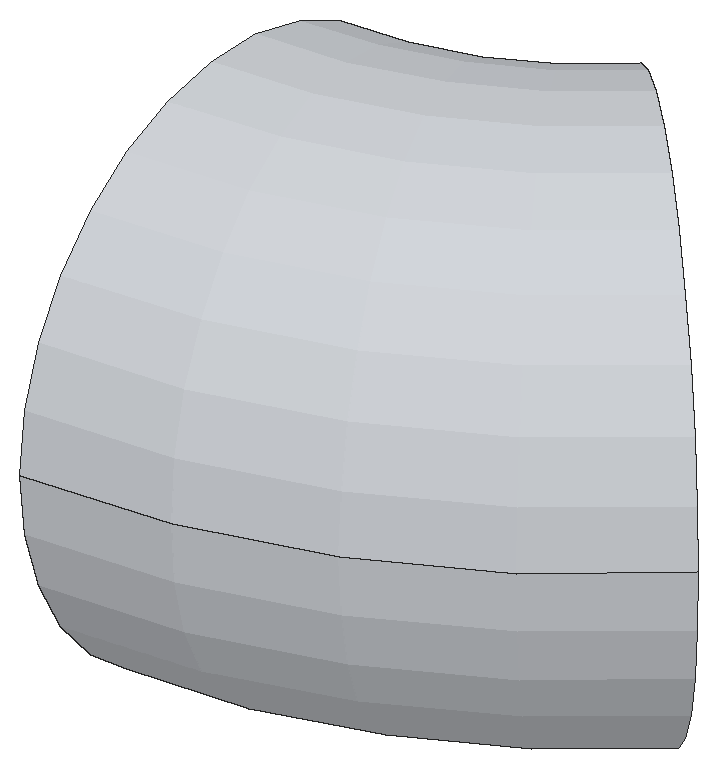
Revit family "Rohrbogen-DIN2605-Bauart 2", category Rohrformteile, Revit 2016
Family settings
  Teiletyp = Bogen
  Bemaßung runder Anschluss = Radius verwenden
  OmniClass-Nummer = 23.60.30.11.14
  OmniClass-Titel = Pipework Fittings
  Arbeitsebenenbasiert = Nein
  Immer vertikal = Ja
  Beim Laden mit Abzugskörper schneiden = Nein
  Gemeinsam genutzt = Nein
Parameters (values of type "Standard")
  DN [instance] = size_lookup(Name der Abruftabelle, "ORad", Nenndurchmesser, Nenndurchmesser)  # 60.3 mm
  Außenradius [instance] = DN / 2  # 30.15 mm
  Nennradius [instance] = 25 mm
  Nenndurchmesser [instance] = Nennradius * 2  # 50 mm
  Verlustberechnungsmethode = K-Koeffizient aus Tabelle
  Name der Abruftabelle = "Elbow Steel DIN 2605"
  Länge 2 [instance] = Bogenradius - Bogenradius * cos(Winkel)  # 14.938 mm
  Länge 1 [instance] = Bogenradius * sin(Winkel)  # 36.062 mm
  K-Koeffizient-Tabelle = "Regular 45, 90 and 180 Elbow"
  Abstand Mittelpunkt Ende [instance] = Radius 1 * tan(Winkel / 2)  # 21.125 mm
  Radius 1 [instance] = if(Bogenradius < Außenradius + 1 mm, Außenradius + 1 mm, Bogenradius)  # 51 mm
  Bogenradius [instance] = size_lookup(Name der Abruftabelle, "CRad2", Nenndurchmesser, Nenndurchmesser)  # 51 mm
  Winkel [instance] = 45.00°
Reference planes
  plane 1 "Mitte (Vorne/Hinten)": y = 0
  plane 2: z = 0
  plane 3 "Mitte (Links/Rechts)": x = 0
  plane 4: x = -21.125
  plane 5: y = 51
  plane 6: y = 25
  plane 7: y = -25
  plane 8: z = 25
  plane 9: z = -25
  plane 10: x = 14.938
  plane 11: y = 14.938
Forms (mm)
  Sweep 1, solid, detail levels fine
    path in 3D
      loop
        arc (-21.125, 0, 0) -> (-1.608, 3.882, 0) -> (14.938, 14.938, 0) r 51
    profile origin (-1.608, 3.882, 0) x (-0.382683, 0.92388, 0) y (0, 0, 1)
      loop
        circle (0, 0) r 30.15
Lines and regions (mm)
  reference lines
    curve 1: arc (-21.125, 0, 0) -> (-1.608, 3.882, 0) -> (14.938, 14.938, 0) r 51
    curve 6: line (-21.125, 51, 0) -> (13.16, 16.715, 0)
    curve 7: line (-21.125, 51, 0) -> (12.045, 84.17, 0)
    curve 8: line (41.911, 41.911, 0) -> (-12.792, -12.792, 0)
    curve 9: line (18.785, 54.14, 0) -> (1.107, 36.463, 0)
    curve 10: line (54.14, 18.785, 0) -> (36.463, 1.107, 0)
    curve 14: line (-21.125, 51, 0) -> (-21.125, 0, 0)
  sketch lines
    curve 2: arc (-21.125, 0, 0) -> (-1.608, 3.882, 0) -> (14.938, 14.938, 0) r 51
  model lines, style "Symbol", detail levels coarse+medium
    curve 3: line (-21.125, 0, 25) -> (-21.125, 0, -25)
    curve 5: line (-21.125, 25, 0) -> (-21.125, -25, 0)
    curve 12: line (-2.74, 32.615, 0) -> (32.615, -2.74, 0)
    curve 15: arc (-21.125, 0, 0) -> (-1.608, 3.882, 0) -> (14.938, 14.938, 0) r 51
    curve 16: line (14.938, 14.938, 25) -> (14.938, 14.938, -25)
  model lines, detail levels coarse+medium
    curve 4: line (-21.125, 25, 0) -> (-21.125, -25, 0)
    curve 11: line (-2.74, 32.615, 0) -> (32.615, -2.74, 0)
    curve 13: arc (-21.125, 0, 0) -> (-1.608, 3.882, 0) -> (14.938, 14.938, 0) r 51
Dimensions and locks
  "Abstand Mittelpunkt Ende": plane 4 to plane 3 "Mitte (Links/Rechts)"
  "Radius 1": plane 5 to plane 1 "Mitte (Vorne/Hinten)"
  locked: plane 5 to curve 1 at 0
  locked: plane 4 to curve 1 at 0
  "Nennradius": plane 6 to plane 1 "Mitte (Vorne/Hinten)"
  equal spacing: plane 6, plane 1 "Mitte (Vorne/Hinten)", plane 7
  "Radius 1": curve 7 to curve 8
  "Nennradius": curve 9 to curve 8
  "Nennradius": curve 8 to curve 10
  "Nennradius": plane 8 to plane 2
  "Nennradius": plane 9 to plane 2
  "Länge 1": plane 4 to plane 10
  "Länge 2": plane 11 to plane 1 "Mitte (Vorne/Hinten)"
  "Radius 1": radius of curve 1
  "Außenradius": radius of Sweep 1 sketch curve
  "Radius 1": radius of curve 13
  "Radius 1": radius of curve 15
  "Winkel": angle curve 1 to curve 1
  "Winkel": angle plane 4 to curve 6
  locked: curve 6 to curve 7 (angle 90.00°)
  locked: curve 6 to curve 8 (angle 90.00°)
  locked: curve 6 to curve 9 (angle 90.00°)
  locked: curve 6 to curve 10 (angle 90.00°)
  "Winkel": angle curve 13 to curve 13
  "Winkel": angle curve 15 to curve 15
  aligned and locked: plane 4 to curve 1
  aligned and locked: plane 1 "Mitte (Vorne/Hinten)" to curve 3
  aligned and locked: curve 4 to plane 6
  aligned and locked: curve 4 to plane 7
  aligned and locked: curve 4 to plane 4
  aligned and locked: curve 5 to plane 7
  aligned and locked: curve 5 to plane 6
  aligned and locked: curve 5 to plane 4
  aligned and locked: plane 4 to curve 6
  aligned and locked: plane 5 to curve 6
  aligned and locked: plane 4 to curve 7
  aligned and locked: plane 5 to curve 7
  aligned and locked: curve 9 to curve 11
  aligned and locked: curve 10 to curve 11
  aligned and locked: curve 6 to curve 11
  aligned and locked: curve 9 to curve 12
  aligned and locked: curve 10 to curve 12
  aligned and locked: curve 6 to curve 12
  aligned and locked: plane 4 to curve 13  (x2)
  aligned and locked: plane 1 "Mitte (Vorne/Hinten)" to curve 13
  aligned and locked: plane 5 to curve 14
  aligned and locked: curve 14 to plane 4
  aligned and locked: plane 5 to curve 15
  aligned and locked: plane 4 to curve 15  (x2)
  aligned and locked: plane 8 to curve 16
  aligned and locked: curve 16 to plane 9
  aligned and locked: curve 16 to plane 11
Automatic sketch dimensions
  curve 3 to curve 3 = 50 mm
  Sweep 1 sketch curve to profile plane = 0 mm
  profile plane to Sweep 1 sketch curve = 0 mm
  curve 8 to curve 6 = 39.215 mm
  curve 9 to curve 6 = 5.441 mm
  curve 10 to curve 6 = 5.441 mm
Connectors
  piping at (-21.125, 0, 0), diameter 50, driven by "Nennradius", driven by "Winkel"
    settings: on Sweep 1, index 1, connector inside diameter 50 mm, connector length 0 mm, flow factor 0, pipe flow 0.0 L/s, pressure drop 0.0 Pa, fitting loss kfactor 0, connector angle 45.00°, fixture units 0, engagement length 0 mm, angle of deflection 0.00°, flow configuration 0, flow direction 0, fitting loss method 0, system type 28, joint type 0, gender type 0, connector reference index 2, connector utility 0, adjustable connector no, is connector primary yes, connector description ""
  piping at (14.938, 14.938, 0), diameter 50, driven by "Nennradius", driven by "Winkel"
    settings: on Sweep 1, index 2, connector inside diameter 50 mm, connector length 0 mm, flow factor 0, pipe flow 0.0 L/s, pressure drop 0.0 Pa, fitting loss kfactor 0, connector angle 45.00°, fixture units 0, engagement length 0 mm, angle of deflection 0.00°, flow configuration 0, flow direction 0, fitting loss method 0, system type 28, joint type 0, gender type 0, connector reference index 1, connector utility 0, adjustable connector no, is connector primary no, connector description ""
